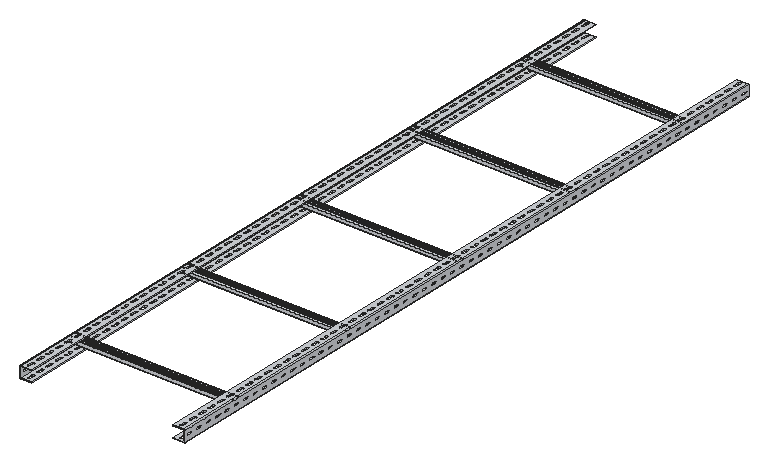
Revit family "steigeleiter_7_FT_FTSO_FTK_A2_A4.700rfa", category Generic Models, Revit 2017 (continued)
Dimensions and locks
    , Extrusion 184, Extrusion 185, Extrusion 186, Extrusion 187, Extrusion 188, Extrusion 189, Extrusion 190, Extrusion 191, Extrusion 192, Extrusion 193, Extrusion 194, Extrusion 195, Extrusion 196, Extrusion 197, Extrusion 198, Extrusion 199, Extrusion 200, Extrusion 201, Extrusion 202, Extrusion 203, Extrusion 204, Extrusion 205, Extrusion 206, Extrusion 207, Extrusion 208, Extrusion 209, Extrusion 210, Extrusion 211, Extrusion 212, Extrusion 213, Extrusion 214, Extrusion 215, Extrusion 216, Extrusion 217, Extrusion 218, Extrusion 219, Extrusion 220, Extrusion 221, Extrusion 222, Extrusion 223, Extrusion 224, Extrusion 225, Extrusion 226, Extrusion 227, Extrusion 228, Extrusion 229, Extrusion 230, Extrusion 231, Extrusion 232, Extrusion 233, Extrusion 234, Extrusion 235, Extrusion 236, Extrusion 237, Extrusion 238, Extrusion 239, Extrusion 240, Extrusion 241, Extrusion 242, Extrusion 243, Extrusion 244, Extrusion 245, Extrusion 246, Extrusion 247, Extrusion 248, Extrusion 249, Extrusion 250, Extrusion 251, Extrusion 252, Extrusion 253, Extrusion 254, Extrusion 255, Extrusion 256, Extrusion 257, Extrusion 258, Extrusion 259, Extrusion 260, Extrusion 261, Extrusion 262, Extrusion 263, Extrusion 264, Extrusion 265, Extrusion 266, Extrusion 267, Extrusion 268, Extrusion 269, Extrusion 270, Extrusion 271, Extrusion 272, Extrusion 273, Extrusion 274, Extrusion 275, Extrusion 276, Extrusion 277, Extrusion 278, Extrusion 279, Extrusion 280, Extrusion 281, Extrusion 282, Extrusion 283, Extrusion 284, Extrusion 285, Extrusion 286, Extrusion 287, Extrusion 288, Extrusion 289, Extrusion 290, Extrusion 291, Extrusion 292, Extrusion 293, Extrusion 294, Extrusion 295, Extrusion 296, Extrusion 297, Extrusion 298, Extrusion 299, Extrusion 300, Extrusion 301, Extrusion 302, Extrusion 303, Extrusion 304, Extrusion 305, Extrusion 306, Extrusion 307, Extrusion 308, Extrusion 309, Extrusion 310, Extrusion 311, Extrusion 312, Extrusion 313, Extrusion 314, Extrusion 315, Extrusion 316, Extrusion 317, Extrusion 318, Extrusion 319, Extrusion 320, Extrusion 321, Extrusion 322, Extrusion 323, Extrusion 324, Extrusion 325, Extrusion 326, Extrusion 327, Extrusion 328, Extrusion 329, Extrusion 330, Extrusion 331, Extrusion 332, Extrusion 333, Extrusion 334, Extrusion 335, Extrusion 336, Extrusion 337, Extrusion 338, Extrusion 339, Extrusion 340, Extrusion 341, Extrusion 342, Extrusion 343, Extrusion 344, Extrusion 345, Extrusion 346, Extrusion 347, Extrusion 348, Extrusion 349, Extrusion 350, Extrusion 351, Extrusion 352, Extrusion 353, Extrusion 354, Extrusion 355, Extrusion 356, Extrusion 357, Extrusion 358, Extrusion 359, Extrusion 360, Extrusion 361 at 2.5
  locked: Extrusion 184 sketch curve to Extrusion 184 sketch curve at 10.803
  locked: Extrusion 185 sketch curve to Extrusion 185 sketch curve at 10.803
  locked: Extrusion 186 sketch curve to Extrusion 186 sketch curve at 10.803
  locked: Extrusion 187 sketch curve to Extrusion 187 sketch curve at 10.803
  locked: Extrusion 188 sketch curve to Extrusion 188 sketch curve at 10.803
  locked: Extrusion 189 sketch curve to Extrusion 189 sketch curve at 10.803
  locked: Extrusion 190 sketch curve to Extrusion 190 sketch curve at 10.803
  locked: Extrusion 191 sketch curve to Extrusion 191 sketch curve at 10.803
  locked: Extrusion 192 sketch curve to Extrusion 192 sketch curve at 10.803
  locked: Extrusion 193 sketch curve to Extrusion 193 sketch curve at 10.803
  locked: Extrusion 194 sketch curve to Extrusion 194 sketch curve at 10.803
  locked: Extrusion 195 sketch curve to Extrusion 195 sketch curve at 10.803
  locked: Extrusion 196 sketch curve to Extrusion 196 sketch curve at 10.803
  locked: Extrusion 197 sketch curve to Extrusion 197 sketch curve at 10.803
  locked: Extrusion 198 sketch curve to Extrusion 198 sketch curve at 10.803
  locked: Extrusion 199 sketch curve to Extrusion 199 sketch curve at 10.803
  locked: Extrusion 200 sketch curve to Extrusion 200 sketch curve at 10.803
  locked: Extrusion 201 sketch curve to Extrusion 201 sketch curve at 10.803
  locked: Extrusion 202 sketch curve to Extrusion 202 sketch curve at 10.803
  locked: Extrusion 203 sketch curve to Extrusion 203 sketch curve at 10.803
  locked: Extrusion 204 sketch curve to Extrusion 204 sketch curve at 10.803
  locked: Extrusion 205 sketch curve to Extrusion 205 sketch curve at 10.803
  locked: Extrusion 206 sketch curve to Extrusion 206 sketch curve at 10.803
  locked: Extrusion 207 sketch curve to Extrusion 207 sketch curve at 10.803
  locked: Extrusion 208 sketch curve to Extrusion 208 sketch curve at 10.803
  locked: Extrusion 209 sketch curve to Extrusion 209 sketch curve at 10.803
  locked: Extrusion 210 sketch curve to Extrusion 210 sketch curve at 10.803
  locked: Extrusion 211 sketch curve to Extrusion 211 sketch curve at 10.803
  locked: Extrusion 212 sketch curve to Extrusion 212 sketch curve at 10.803
  locked: Extrusion 213 sketch curve to Extrusion 213 sketch curve at 10.803
  locked: Extrusion 214 sketch curve to Extrusion 214 sketch curve at 10.803
  locked: Extrusion 215 sketch curve to Extrusion 215 sketch curve at 10.803
  locked: Extrusion 216 sketch curve to Extrusion 216 sketch curve at 10.803
  locked: Extrusion 217 sketch curve to Extrusion 217 sketch curve at 10.803
  locked: Extrusion 218 sketch curve to Extrusion 218 sketch curve at 10.803
  locked: Extrusion 219 sketch curve to Extrusion 219 sketch curve at 10.803
  locked: Extrusion 220 sketch curve to Extrusion 220 sketch curve at 10.803
  locked: Extrusion 221 sketch curve to Extrusion 221 sketch curve at 10.803
  locked: Extrusion 222 sketch curve to Extrusion 222 sketch curve at 10.803
  locked: Extrusion 223 sketch curve to Extrusion 223 sketch curve at 10.803
  locked: Extrusion 224 sketch curve to Extrusion 224 sketch curve at 10.803
  locked: Extrusion 225 sketch curve to Extrusion 225 sketch curve at 10.803
  locked: Extrusion 226 sketch curve to Extrusion 226 sketch curve at 10.803
  locked: Extrusion 227 sketch curve to Extrusion 227 sketch curve at 10.803
  locked: Extrusion 228 sketch curve to Extrusion 228 sketch curve at 10.803
  locked: Extrusion 229 sketch curve to Extrusion 229 sketch curve at 10.803
  locked: Extrusion 230 sketch curve to Extrusion 230 sketch curve at 10.803
  locked: Extrusion 231 sketch curve to Extrusion 231 sketch curve at 10.803
  locked: Extrusion 232 sketch curve to Extrusion 232 sketch curve at 10.803
  locked: Extrusion 233 sketch curve to Extrusion 233 sketch curve at 10.803
  locked: Extrusion 234 sketch curve to Extrusion 234 sketch curve at 10.803
  locked: Extrusion 235 sketch curve to Extrusion 235 sketch curve at 10.803
  locked: Extrusion 236 sketch curve to Extrusion 236 sketch curve at 10.803
  locked: Extrusion 237 sketch curve to Extrusion 237 sketch curve at 10.803
  locked: Extrusion 238 sketch curve to Extrusion 238 sketch curve at 10.803
  locked: Extrusion 239 sketch curve to Extrusion 239 sketch curve at 10.803
  locked: Extrusion 240 sketch curve to Extrusion 240 sketch curve at 10.803
  locked: Extrusion 241 sketch curve to Extrusion 241 sketch curve at 10.803
  locked: Extrusion 242 sketch curve to Extrusion 242 sketch curve at 10.803
  locked: Extrusion 243 sketch curve to Extrusion 243 sketch curve at 11
  locked: Extrusion 244 sketch curve to Extrusion 244 sketch curve at 11
  locked: Extrusion 245 sketch curve to Extrusion 245 sketch curve at 11
  locked: Extrusion 246 sketch curve to Extrusion 246 sketch curve at 11
  locked: Extrusion 247 sketch curve to Extrusion 247 sketch curve at 11
  locked: Extrusion 248 sketch curve to Extrusion 248 sketch curve at 11
  locked: Extrusion 249 sketch curve to Extrusion 249 sketch curve at 11
  locked: Extrusion 250 sketch curve to Extrusion 250 sketch curve at 11
  locked: Extrusion 251 sketch curve to Extrusion 251 sketch curve at 11
  locked: Extrusion 252 sketch curve to Extrusion 252 sketch curve at 11
  locked: Extrusion 253 sketch curve to Extrusion 253 sketch curve at 11
  locked: Extrusion 254 sketch curve to Extrusion 254 sketch curve at 11
  locked: Extrusion 255 sketch curve to Extrusion 255 sketch curve at 11
  locked: Extrusion 256 sketch curve to Extrusion 256 sketch curve at 11
  locked: Extrusion 257 sketch curve to Extrusion 257 sketch curve at 11
  locked: Extrusion 258 sketch curve to Extrusion 258 sketch curve at 11
  locked: Extrusion 259 sketch curve to Extrusion 259 sketch curve at 11
  locked: Extrusion 260 sketch curve to Extrusion 260 sketch curve at 11
  locked: Extrusion 261 sketch curve to Extrusion 261 sketch curve at 11
  locked: Extrusion 262 sketch curve to Extrusion 262 sketch curve at 11
  locked: Extrusion 263 sketch curve to Extrusion 263 sketch curve at 11
  locked: Extrusion 264 sketch curve to Extrusion 264 sketch curve at 11
  locked: Extrusion 265 sketch curve to Extrusion 265 sketch curve at 11
  locked: Extrusion 266 sketch curve to Extrusion 266 sketch curve at 11
  locked: Extrusion 267 sketch curve to Extrusion 267 sketch curve at 11
  locked: Extrusion 268 sketch curve to Extrusion 268 sketch curve at 11
  locked: Extrusion 269 sketch curve to Extrusion 269 sketch curve at 11
  locked: Extrusion 270 sketch curve to Extrusion 270 sketch curve at 11
  locked: Extrusion 271 sketch curve to Extrusion 271 sketch curve at 11
  locked: Extrusion 272 sketch curve to Extrusion 272 sketch curve at 11
  locked: Extrusion 273 sketch curve to Extrusion 273 sketch curve at 11
  locked: Extrusion 274 sketch curve to Extrusion 274 sketch curve at 11
  locked: Extrusion 275 sketch curve to Extrusion 275 sketch curve at 11
  locked: Extrusion 276 sketch curve to Extrusion 276 sketch curve at 11
  locked: Extrusion 277 sketch curve to Extrusion 277 sketch curve at 11
  locked: Extrusion 278 sketch curve to Extrusion 278 sketch curve at 11
  locked: Extrusion 279 sketch curve to Extrusion 279 sketch curve at 11
  locked: Extrusion 280 sketch curve to Extrusion 280 sketch curve at 11
  locked: Extrusion 281 sketch curve to Extrusion 281 sketch curve at 11
  locked: Extrusion 282 sketch curve to Extrusion 282 sketch curve at 11
  locked: Extrusion 283 sketch curve to Extrusion 283 sketch curve at 11
  locked: Extrusion 284 sketch curve to Extrusion 284 sketch curve at 11
  locked: Extrusion 285 sketch curve to Extrusion 285 sketch curve at 11
  locked: Extrusion 286 sketch curve to Extrusion 286 sketch curve at 11
  locked: Extrusion 287 sketch curve to Extrusion 287 sketch curve at 11
  locked: Extrusion 288 sketch curve to Extrusion 288 sketch curve at 11
  locked: Extrusion 289 sketch curve to Extrusion 289 sketch curve at 11
  locked: Extrusion 290 sketch curve to Extrusion 290 sketch curve at 11
  locked: Extrusion 291 sketch curve to Extrusion 291 sketch curve at 11
  locked: Extrusion 292 sketch curve to Extrusion 292 sketch curve at 11
  locked: Extrusion 293 sketch curve to Extrusion 293 sketch curve at 11
  locked: Extrusion 294 sketch curve to Extrusion 294 sketch curve at 11
  locked: Extrusion 295 sketch curve to Extrusion 295 sketch curve at 11
  locked: Extrusion 296 sketch curve to Extrusion 296 sketch curve at 11
  locked: Extrusion 297 sketch curve to Extrusion 297 sketch curve at 11
  locked: Extrusion 298 sketch curve to Extrusion 298 sketch curve at 11
  locked: Extrusion 299 sketch curve to Extrusion 299 sketch curve at 11
  locked: Extrusion 300 sketch curve to Extrusion 300 sketch curve at 11
  locked: Extrusion 301 sketch curve to Extrusion 301 sketch curve at 11
  locked: Extrusion 302 sketch curve to Extrusion 302 sketch curve at 11
  equal spacing: group 297, group 298, group 299, group 300, group 301, group 302, group 303, group 304, group 305, group 306, group 307, group 308, group 309, group 310, group 311, group 312, group 313, group 314, group 315, group 316, group 317, group 318, group 319, group 320, group 321, group 322, group 323, group 324, group 325, group 326, group 327, group 328, group 329, group 330, group 331, group 332, group 333, group 334, group 335, group 336, group 337, group 338, group 339, group 340, group 341, group 342, group 343, group 344, group 345, group 346, group 347, group 348, group 349, group 350, group 351, group 352, group 353, group 354, group 355, group 356  (x3)
  locked: Extrusion 303 sketch curve to Extrusion 303 sketch curve at 11
  locked: Extrusion 304 sketch curve to Extrusion 304 sketch curve at 11
  locked: Extrusion 305 sketch curve to Extrusion 305 sketch curve at 11
  locked: Extrusion 306 sketch curve to Extrusion 306 sketch curve at 11
  locked: Extrusion 307 sketch curve to Extrusion 307 sketch curve at 11
  locked: Extrusion 308 sketch curve to Extrusion 308 sketch curve at 11
  locked: Extrusion 309 sketch curve to Extrusion 309 sketch curve at 11
  locked: Extrusion 310 sketch curve to Extrusion 310 sketch curve at 11
  locked: Extrusion 311 sketch curve to Extrusion 311 sketch curve at 11
  locked: Extrusion 312 sketch curve to Extrusion 312 sketch curve at 11
  locked: Extrusion 313 sketch curve to Extrusion 313 sketch curve at 11
  locked: Extrusion 314 sketch curve to Extrusion 314 sketch curve at 11
  locked: Extrusion 315 sketch curve to Extrusion 315 sketch curve at 11
  locked: Extrusion 316 sketch curve to Extrusion 316 sketch curve at 11
  locked: Extrusion 317 sketch curve to Extrusion 317 sketch curve at 11
  locked: Extrusion 318 sketch curve to Extrusion 318 sketch curve at 11
  locked: Extrusion 319 sketch curve to Extrusion 319 sketch curve at 11
  locked: Extrusion 320 sketch curve to Extrusion 320 sketch curve at 11
  locked: Extrusion 321 sketch curve to Extrusion 321 sketch curve at 11
  locked: Extrusion 322 sketch curve to Extrusion 322 sketch curve at 11
  locked: Extrusion 323 sketch curve to Extrusion 323 sketch curve at 11
  locked: Extrusion 324 sketch curve to Extrusion 324 sketch curve at 11
  locked: Extrusion 325 sketch curve to Extrusion 325 sketch curve at 11
  locked: Extrusion 326 sketch curve to Extrusion 326 sketch curve at 11
  locked: Extrusion 327 sketch curve to Extrusion 327 sketch curve at 11
  locked: Extrusion 328 sketch curve to Extrusion 328 sketch curve at 11
  locked: Extrusion 329 sketch curve to Extrusion 329 sketch curve at 11
  locked: Extrusion 330 sketch curve to Extrusion 330 sketch curve at 11
  locked: Extrusion 331 sketch curve to Extrusion 331 sketch curve at 11
  locked: Extrusion 332 sketch curve to Extrusion 332 sketch curve at 11
  locked: Extrusion 333 sketch curve to Extrusion 333 sketch curve at 11
  locked: Extrusion 334 sketch curve to Extrusion 334 sketch curve at 11
  locked: Extrusion 335 sketch curve to Extrusion 335 sketch curve at 11
  locked: Extrusion 336 sketch curve to Extrusion 336 sketch curve at 11
  locked: Extrusion 337 sketch curve to Extrusion 337 sketch curve at 11
  locked: Extrusion 338 sketch curve to Extrusion 338 sketch curve at 11
  locked: Extrusion 339 sketch curve to Extrusion 339 sketch curve at 11
  locked: Extrusion 340 sketch curve to Extrusion 340 sketch curve at 11
  locked: Extrusion 341 sketch curve to Extrusion 341 sketch curve at 11
  locked: Extrusion 342 sketch curve to Extrusion 342 sketch curve at 11
  locked: Extrusion 343 sketch curve to Extrusion 343 sketch curve at 11
  locked: Extrusion 344 sketch curve to Extrusion 344 sketch curve at 11
  locked: Extrusion 345 sketch curve to Extrusion 345 sketch curve at 11
  locked: Extrusion 346 sketch curve to Extrusion 346 sketch curve at 11
  locked: Extrusion 347 sketch curve to Extrusion 347 sketch curve at 11
  locked: Extrusion 348 sketch curve to Extrusion 348 sketch curve at 11
  locked: Extrusion 349 sketch curve to Extrusion 349 sketch curve at 11
  locked: Extrusion 350 sketch curve to Extrusion 350 sketch curve at 11
  locked: Extrusion 351 sketch curve to Extrusion 351 sketch curve at 11
  locked: Extrusion 352 sketch curve to Extrusion 352 sketch curve at 11
  locked: Extrusion 353 sketch curve to Extrusion 353 sketch curve at 11
  locked: Extrusion 354 sketch curve to Extrusion 354 sketch curve at 11
  locked: Extrusion 355 sketch curve to Extrusion 355 sketch curve at 11
  locked: Extrusion 356 sketch curve to Extrusion 356 sketch curve at 11
  locked: Extrusion 357 sketch curve to Extrusion 357 sketch curve at 11
  locked: Extrusion 358 sketch curve to Extrusion 358 sketch curve at 11
  locked: Extrusion 359 sketch curve to Extrusion 359 sketch curve at 11
  locked: Extrusion 360 sketch curve to Extrusion 360 sketch curve at 11
  locked: Extrusion 361 sketch curve to Extrusion 361 sketch curve at 10.803
  "Length 2": plane 1 "Center (Front/Back)" to plane 9
  locked: Extrusion 362 sketch curve to Extrusion 362 sketch curve at 2  (x5)
  locked: Extrusion 362 sketch curve to Extrusion 362 sketch curve at 40
  locked: Extrusion 362 sketch curve to Extrusion 362 sketch curve at 5.5
  Extrusion 362 sketch curve to Extrusion 362 sketch curve = 2 mm
  locked: Extrusion 362 sketch curve to Extrusion 362 sketch curve at 15  (x2)
  locked: Extrusion 363 sketch curve to Extrusion 363 sketch curve at 2  (x5)
  locked: Extrusion 363 sketch curve to Extrusion 363 sketch curve at 40
  locked: Extrusion 363 sketch curve to Extrusion 363 sketch curve at 5.5
  Extrusion 363 sketch curve to Extrusion 363 sketch curve = 2 mm
  locked: Extrusion 363 sketch curve to Extrusion 363 sketch curve at 15  (x2)
  equal spacing: group 359, group 360, group 361, group 362, group 363  (x3)
  locked: Extrusion 364 sketch curve to Extrusion 364 sketch curve at 2  (x5)
  locked: Extrusion 364 sketch curve to Extrusion 364 sketch curve at 40
  locked: Extrusion 364 sketch curve to Extrusion 364 sketch curve at 5.5
  Extrusion 364 sketch curve to Extrusion 364 sketch curve = 2 mm
  locked: Extrusion 364 sketch curve to Extrusion 364 sketch curve at 15  (x2)
  locked: Extrusion 365 sketch curve to Extrusion 365 sketch curve at 2  (x5)
  locked: Extrusion 365 sketch curve to Extrusion 365 sketch curve at 40
  locked: Extrusion 365 sketch curve to Extrusion 365 sketch curve at 5.5
  Extrusion 365 sketch curve to Extrusion 365 sketch curve = 2 mm
  locked: Extrusion 365 sketch curve to Extrusion 365 sketch curve at 15  (x2)
  locked: Extrusion 366 sketch curve to Extrusion 366 sketch curve at 2  (x5)
  locked: Extrusion 366 sketch curve to Extrusion 366 sketch curve at 40
  locked: Extrusion 366 sketch curve to Extrusion 366 sketch curve at 5.5
  Extrusion 366 sketch curve to Extrusion 366 sketch curve = 2 mm
  locked: Extrusion 366 sketch curve to Extrusion 366 sketch curve at 15  (x2)
  aligned and locked: level to plane 2
  aligned and locked: Extrusion 1 sketch curve to level
  aligned and locked: level to Extrusion 1 sketch curve
  aligned and locked: plane 5 to Extrusion 1
  aligned and locked: Extrusion 1 to Extrusion 2  (x2)
  aligned and locked: Extrusion 1 to Extrusion 62  (x2)
  aligned and locked: Extrusion 1 to Extrusion 63
  aligned and locked: Extrusion 63 to level
  aligned and locked: Extrusion 63 to plane 2
  aligned and locked: cut or joined group 1 (Extrusion 1, Extrusion 2, Extrusion 3, Extrusion 4, Extrusion 5, Extrusion 6, Extrusion 7, Extrusion 8, Extrusion 9, Extrusion 10, Extrusion 11, Extrusion 12, Extrusion 13, Extrusion 14, Extrusion 15, Extrusion 16, Extrusion 17, Extrusion 18, Extrusion 19, Extrusion 20, Extrusion 21, Extrusion 22, Extrusion 23, Extrusion 24, Extrusion 25, Extrusion 26, Extrusion 27, Extrusion 28, Extrusion 29, Extrusion 30, Extrusion 31, Extrusion 32, Extrusion 33, Extrusion 34, Extrusion 35, Extrusion 36, Extrusion 37, Extrusion 38, Extrusion 39, Extrusion 40, Extrusion 41, Extrusion 42, Extrusion 43, Extrusion 44, Extrusion 45, Extrusion 46, Extrusion 47, Extrusion 48, Extrusion 49, Extrusion 50, Extrusion 51, Extrusion 52, Extrusion 53, Extrusion 54, Extrusion 55, Extrusion 56, Extrusion 57, Extrusion 58, Extrusion 59, Extrusion 60, Extrusion 61, Extrusion 62, Extrusion 63, Extrusion 64, Extrusion 65, Extrusion 66, Extrusion 67, Extrusion 68, Extrusion 69, Extrusion 70, Extrusion 71, Extrusion 72, Extrusion 73, Extrusion 74, Extrusion 75, Extrusion 76, Extrusion 77, Extrusion 78, Extrusion 79, Extrusion 80, Extrusion 81, Extrusion 82, Extrusion 83, Extrusion 84, Extrusion 85, Extrusion 86, Extrusion 87, Extrusion 88, Extrusion 89, Extrusion 90, Extrusion 91, Extrusion 92, Extrusion 93, Extrusion 94, Extrusion 95, Extrusion 96, Extrusion 97, Extrusion 98, Extrusion 99, Extrusion 100, Extrusion 101, Extrusion 102, Extrusion 103, Extrusion 104, Extrusion 105, Extrusion 106, Extrusion 107, Extrusion 108, Extrusion 109, Extrusion 110, Extrusion 111, Extrusion 112, Extrusion 113, Extrusion 114, Extrusion 115, Extrusion 116, Extrusion 117, Extrusion 118, Extrusion 119, Extrusion 120, Extrusion 121, Extrusion 122, Extrusion 123, Extrusion 124, Extrusion 125, Extrusion 126, Extrusion 127, Extrusion 128, Extrusion 129, Extrusion 130, Extrusion 131, Extrusion 132, Extrusion 133, Extrusion 134, Extrusion 135, Extrusion 136, Extrusion 137, Extrusion 138, Extrusion 139, Extrusion 140, Extrusion 141, Extrusion 142, Extrusion 143, Extrusion 144, Extrusion 145, Extrusion 146, Extrusion 147, Extrusion 148, Extrusion 149, Extrusion 150, Extrusion 151, Extrusion 152, Extrusion 153, Extrusion 154, Extrusion 155, Extrusion 156, Extrusion 157, Extrusion 158, Extrusion 159, Extrusion 160, Extrusion 161, Extrusion 162, Extrusion 163, Extrusion 164, Extrusion 165, Extrusion 166, Extrusion 167, Extrusion 168, Extrusion 169, Extrusion 170, Extrusion 171, Extrusion 172, Extrusion 173, Extrusion 174, Extrusion 175, Extrusion 176, Extrusion 177, Extrusion 178, Extrusion 179, Extrusion 180, Extrusion 181, Extrusion 182, Extrusion 183, Extrusion 184, Extrusion 185, Extrusion 186, Extrusion 187, Extrusion 188, Extrusion 189, Extrusion 190, Extrusion 191, Extrusion 192, Extrusion 193, Extrusion 194, Extrusion 195, Extrusion 196, Extrusion 197, Extrusion 198, Extrusion 199, Extrusion 200, Extrusion 201, Extrusion 202, Extrusion 203, Extrusion 204, Extrusion 205, Extrusion 206, Extrusion 207, Extrusion 208, Extrusion 209, Extrusion 210, Extrusion 211, Extrusion 212, Extrusion 213, Extrusion 214, Extrusion 215, Extrusion 216, Extrusion 217, Extrusion 218, Extrusion 219, Extrusion 220, Extrusion 221, Extrusion 222, Extrusion 223, Extrusion 224, Extrusion 225, Extrusion 226, Extrusion 227, Extrusion 228, Extrusion 229, Extrusion 230, Extrusion 231, Extrusion 232, Extrusion 233, Extrusion 234, Extrusion 235, Extrusion 236, Extrusion 237, Extrusion 238, Extrusion 239, Extrusion 240, Extrusion 241, Extrusion 242, Extrusion 243, Extrusion 244, Extrusion 245, Extrusion 246, Extrusion 247, Extrusion 248, Extrusion 249, Extrusion 250, Extrusion 251, Extrusion 252, Extrusion 253, Extrusion 254, Extrusion 255, Extrusion 256, Extrusion 257, Extrusion 258, Extrusion 259, Extrusion 260, Extrusion 261, Extrusion 262, Extrusion 263, Extrusion 264, Extrusion 265, Extrusion 266, Extrusion 267, Extrusion 268, Extrusion 269, Extrusion 270, Extrusion 271, Extrusion 272, Extrusion 273, Extrusion 274, Extrusion 275, Extrusion 276, Extrusion 277, Extrusion 278, Extrusion 279, Extrusion 280, Extrusion 281, Extrusion 282, Extrusion 283, Extrusion 284, Extrusion 285, Extrusion 286, Extrusion 287, Extrusion 288, Extrusion 289, Extrusion 290, Extrusion 291, Extrusion 292, Extrusion 293, Extrusion 294, Extrusion 295, Extrusion 296, Extrusion 297, Extrusion 298, Extrusion 299, Extrusion 300, Extrusion 301, Extrusion 302, Extrusion 303, Extrusion 304, Extrusion 305, Extrusion 306, Extrusion 307, Extrusion 308, Extrusion 309, Extrusion 310, Extrusion 311, Extrusion 312, Extrusion 313, Extrusion 314, Extrusion 315, Extrusion 316, Extrusion 317, Extrusion 318, Extrusion 319, Extrusion 320, Extrusion 321, Extrusion 322, Extrusion 323, Extrusion 324, Extrusion 325, Extrusion 326, Extrusion 327, Extrusion 328, Extrusion 329, Extrusion 330, Extrusion 331, Extrusion 332, Extrusion 333, Extrusion 334, Extrusion 335, Extrusion 336, Extrusion 337, Extrusion 338, Extrusion 339, Extrusion 340, Extrusion 341, Extrusion 342, Extrusion 343, Extrusion 344, Extrusion 345, Extrusion 346, Extrusion 347, Extrusion 348, Extrusion 349, Extrusion 350, Extrusion 351, Extrusion 352, Extrusion 353, Extrusion 354, Extrusion 355, Extrusion 356, Extrusion 357, Extrusion 358, Extrusion 359, Extrusion 360, Extrusion 361) to cut or joined group of Extrusion 1, Extrusion 2, Extrusion 3, Extrusion 4, Extrusion 5, Extrusion 6, Extrusion 7, Extrusion 8, Extrusion 9, Extrusion 10, Extrusion 11, Extrusion 12, Extrusion 13, Extrusion 14, Extrusion 15, Extrusion 16, Extrusion 17, Extrusion 18, Extrusion 19, Extrusion 20, Extrusion 21, Extrusion 22, Extrusion 23, Extrusion 24, Extrusion 25, Extrusion 26, Extrusion 27, Extrusion 28, Extrusion 29, Extrusion 30, Extrusion 31, Extrusion 32, Extrusion 33, Extrusion 34, Extrusion 35, Extrusion 36, Extrusion 37, Extrusion 38, Extrusion 39, Extrusion 40, Extrusion 41, Extrusion 42, Extrusion 43, Extrusion 44, Extrusion 45, Extrusion 46, Extrusion 47, Extrusion 48, Extrusion 49, Extrusion 50, Extrusion 51, Extrusion 52, Extrusion 53, Extrusion 54, Extrusion 55, Extrusion 56, Extrusion 57, Extrusion 58, Extrusion 59, Extrusion 60, Extrusion 61, Extrusion 62, Extrusion 63, Extrusion 64, Extrusion 65, Extrusion 66, Extrusion 67, Extrusion 68, Extrusion 69, Extrusion 70, Extrusion 71, Extrusion 72, Extrusion 73, Extrusion 74, Extrusion 75, Extrusion 76, Extrusion 77, Extrusion 78, Extrusion 79, Extrusion 80, Extrusion 81, Extrusion 82, Extrusion 83, Extrusion 84, Extrusion 85, Extrusion 86, Extrusion 87, Extrusion 88, Extrusion 89, Extrusion 90, Extrusion 91, Extrusion 92, Extrusion 93, Extrusion 94, Extrusion 95, Extrusion 96, Extrusion 97, Extrusion 98, Extrusion 99, Extrusion 100, Extrusion 101, Extrusion 102, Extrusion 103, Extrusion 104, Extrusion 105, Extrusion 106, Extrusion 107, Extrusion 108, Extrusion 109, Extrusion 110, Extrusion 111, Extrusion 112, Extrusion 113, Extrusion 114, Extrusion 115, Extrusion 116, Extrusion 117, Extrusion 118, Extrusion 119, Extrusion 120, Extrusion 121, Extrusion 122, Extrusion 123, Extrusion 124, Extrusion 125, Extrusion 126, Extrusion 127, Extrusion 128, Extrusion 129, Extrusion 130, Extrusion 131, Extrusion 132, Extrusion 133, Extrusion 134, Extrusion 135, Extrusion 136, Extrusion 137, Extrusion 138, Extrusion 139, Extrusion 140, Extrusion 141, Extrusion 142, Extrusion 143, Extrusion 144, Extrusion 145, Extrusion 146, Extrusion 147, Extrusion 148, Extrusion 149, Extrusion 150, Extrusion 151, Extrusion 152, Extrusion 153, Extrusion 154, Extrusion 155, Extrusion 156, Extrusion 157, Extrusion 158, Extrusion 159, Extrusion 160, Extrusion 161, Extrusion 162, Extrusion 163, Extrusion 164, Extrusion 165, Extrusion 166, Extrusion 167, Extrusion 168, Extrusion 169, Extrusion 170, Extrusion 171, Extrusion 172, Extrusion 173, Extrusion 174, Extrusion 175, Extrusion 176, Extrusion 177, Extrusion 178, Extrusion 179, Extrusion 180, Extrusion 181, Extrusion 182, E
    xtrusion 183, Extrusion 184, Extrusion 185, Extrusion 186, Extrusion 187, Extrusion 188, Extrusion 189, Extrusion 190, Extrusion 191, Extrusion 192, Extrusion 193, Extrusion 194, Extrusion 195, Extrusion 196, Extrusion 197, Extrusion 198, Extrusion 199, Extrusion 200, Extrusion 201, Extrusion 202, Extrusion 203, Extrusion 204, Extrusion 205, Extrusion 206, Extrusion 207, Extrusion 208, Extrusion 209, Extrusion 210, Extrusion 211, Extrusion 212, Extrusion 213, Extrusion 214, Extrusion 215, Extrusion 216, Extrusion 217, Extrusion 218, Extrusion 219, Extrusion 220, Extrusion 221, Extrusion 222, Extrusion 223, Extrusion 224, Extrusion 225, Extrusion 226, Extrusion 227, Extrusion 228, Extrusion 229, Extrusion 230, Extrusion 231, Extrusion 232, Extrusion 233, Extrusion 234, Extrusion 235, Extrusion 236, Extrusion 237, Extrusion 238, Extrusion 239, Extrusion 240, Extrusion 241, Extrusion 242, Extrusion 243, Extrusion 244, Extrusion 245, Extrusion 246, Extrusion 247, Extrusion 248, Extrusion 249, Extrusion 250, Extrusion 251, Extrusion 252, Extrusion 253, Extrusion 254, Extrusion 255, Extrusion 256, Extrusion 257, Extrusion 258, Extrusion 259, Extrusion 260, Extrusion 261, Extrusion 262, Extrusion 263, Extrusion 264, Extrusion 265, Extrusion 266, Extrusion 267, Extrusion 268, Extrusion 269, Extrusion 270, Extrusion 271, Extrusion 272, Extrusion 273, Extrusion 274, Extrusion 275, Extrusion 276, Extrusion 277, Extrusion 278, Extrusion 279, Extrusion 280, Extrusion 281, Extrusion 282, Extrusion 283, Extrusion 284, Extrusion 285, Extrusion 286, Extrusion 287, Extrusion 288, Extrusion 289, Extrusion 290, Extrusion 291, Extrusion 292, Extrusion 293, Extrusion 294, Extrusion 295, Extrusion 296, Extrusion 297, Extrusion 298, Extrusion 299, Extrusion 300, Extrusion 301, Extrusion 302, Extrusion 303, Extrusion 304, Extrusion 305, Extrusion 306, Extrusion 307, Extrusion 308, Extrusion 309, Extrusion 310, Extrusion 311, Extrusion 312, Extrusion 313, Extrusion 314, Extrusion 315, Extrusion 316, Extrusion 317, Extrusion 318, Extrusion 319, Extrusion 320, Extrusion 321, Extrusion 322, Extrusion 323, Extrusion 324, Extrusion 325, Extrusion 326, Extrusion 327, Extrusion 328, Extrusion 329, Extrusion 330, Extrusion 331, Extrusion 332, Extrusion 333, Extrusion 334, Extrusion 335, Extrusion 336, Extrusion 337, Extrusion 338, Extrusion 339, Extrusion 340, Extrusion 341, Extrusion 342, Extrusion 343, Extrusion 344, Extrusion 345, Extrusion 346, Extrusion 347, Extrusion 348, Extrusion 349, Extrusion 350, Extrusion 351, Extrusion 352, Extrusion 353, Extrusion 354, Extrusion 355, Extrusion 356, Extrusion 357, Extrusion 358, Extrusion 359, Extrusion 360, Extrusion 361  (x7)
  aligned and locked: Extrusion 123 to level
  aligned and locked: cut or joined group 1 to plane 6
  aligned and locked: level to cut or joined group 1
  aligned and locked: cut or joined group 1 to plane 7
  aligned and locked: Extrusion 184 to plane 8
  aligned and locked: Extrusion 362 to cut or joined group 1  (x3)
  aligned and locked: cut or joined group 1 to Extrusion 362  (x2)
  aligned and locked: plane 7 to Extrusion 362
Automatic sketch dimensions
  Extrusion 1 sketch curve to Extrusion 1 sketch curve = 0.5 mm
  Extrusion 1 sketch curve to Extrusion 1 sketch curve = 1.104 mm
  Extrusion 1 sketch curve to Extrusion 1 sketch curve = 1.5 mm
  Extrusion 1 sketch curve to Extrusion 1 sketch curve = 3.273 mm
  Extrusion 1 sketch curve to Extrusion 1 sketch curve = 1.011 mm
  Extrusion 1 sketch curve to Extrusion 1 sketch curve = 1.773 mm
  Extrusion 1 sketch curve to Extrusion 1 sketch curve = 1 mm
  Extrusion 1 sketch curve to Extrusion 1 sketch curve = 0.604 mm
  Extrusion 1 sketch curve to plane 3 "Center (Left/Right)" = 300 mm
  plane 3 "Center (Left/Right)" to Extrusion 1 sketch curve = 300 mm
  Extrusion 2 sketch curve to Extrusion 2 sketch curve = 19 mm
  Extrusion 3 sketch curve to Extrusion 3 sketch curve = 19 mm
  Extrusion 4 sketch curve to Extrusion 4 sketch curve = 19 mm
  Extrusion 5 sketch curve to Extrusion 5 sketch curve = 19 mm
  Extrusion 6 sketch curve to Extrusion 6 sketch curve = 19 mm
  Extrusion 7 sketch curve to Extrusion 7 sketch curve = 19 mm
  Extrusion 8 sketch curve to Extrusion 8 sketch curve = 19 mm
  Extrusion 9 sketch curve to Extrusion 9 sketch curve = 19 mm
  Extrusion 10 sketch curve to Extrusion 10 sketch curve = 19 mm
  Extrusion 11 sketch curve to Extrusion 11 sketch curve = 19 mm
  Extrusion 12 sketch curve to Extrusion 12 sketch curve = 19 mm
  Extrusion 13 sketch curve to Extrusion 13 sketch curve = 19 mm
  Extrusion 14 sketch curve to Extrusion 14 sketch curve = 19 mm
  Extrusion 15 sketch curve to Extrusion 15 sketch curve = 19 mm
  Extrusion 16 sketch curve to Extrusion 16 sketch curve = 19 mm
  Extrusion 17 sketch curve to Extrusion 17 sketch curve = 19 mm
  Extrusion 18 sketch curve to Extrusion 18 sketch curve = 19 mm
  Extrusion 19 sketch curve to Extrusion 19 sketch curve = 19 mm
  Extrusion 20 sketch curve to Extrusion 20 sketch curve = 19 mm
  Extrusion 21 sketch curve to Extrusion 21 sketch curve = 19 mm
  Extrusion 22 sketch curve to Extrusion 22 sketch curve = 19 mm
  Extrusion 23 sketch curve to Extrusion 23 sketch curve = 19 mm
  Extrusion 24 sketch curve to Extrusion 24 sketch curve = 19 mm
  Extrusion 25 sketch curve to Extrusion 25 sketch curve = 19 mm
  Extrusion 26 sketch curve to Extrusion 26 sketch curve = 19 mm
  Extrusion 27 sketch curve to Extrusion 27 sketch curve = 19 mm
  Extrusion 28 sketch curve to Extrusion 28 sketch curve = 19 mm
  Extrusion 29 sketch curve to Extrusion 29 sketch curve = 19 mm
  Extrusion 30 sketch curve to Extrusion 30 sketch curve = 19 mm
  Extrusion 31 sketch curve to Extrusion 31 sketch curve = 19 mm
  Extrusion 32 sketch curve to Extrusion 32 sketch curve = 19 mm
